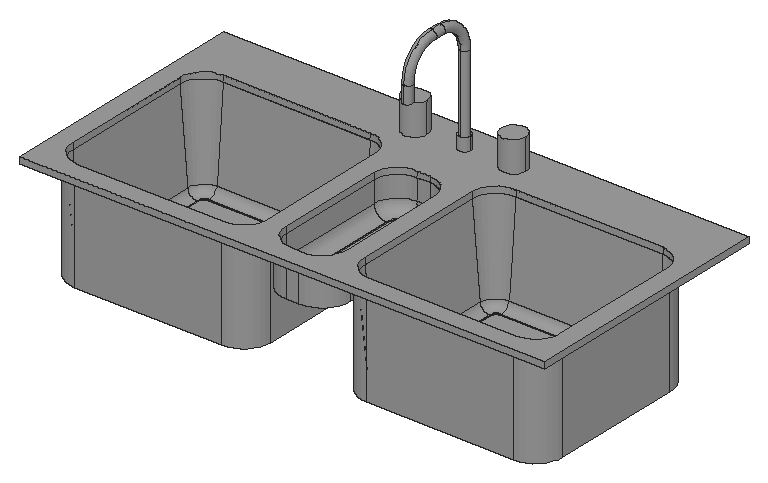
Revit family
Parameters (values of type "1100 x 535mm")
  Counter Height = 900.00 mm
  Depth = 535.00 mm
  Fixture Material = Metal - Steel, Polished
  Sink Material = Metal - Steel, Polished
  Width = 1100.00 mm
Reference planes
  plane 1 "Center (Front/Back)": y = -35.755
  plane 2: z = 0
  plane 3 "Center (Left/Right)": x = 15.689
  plane 4: y = 269.845
  plane 5: y = -265.155
  plane 6: x = -534.311
  plane 7: x = 565.689
  plane 8 "Top Of Counter": z = 900
  plane 9: z = 912.7
  plane 10: z = 684.1
  plane 11: y = 155.545
  plane 12: x = -496.211
  plane 13: y = -227.055
  plane 14: x = 527.589
  plane 15: x = -85.911
  plane 16: x = 117.289
  plane 17: y = 212.695
  plane 18: y = 212.695
  plane 19: y = 212.695
  plane 20: z = 1163.525
  plane 21: y = 63.47
  plane 22: z = 976.2
  plane 23: z = 938.1
  plane 24: x = -240.261
  plane 25: x = 271.639
  plane 26: x = -85.911
  plane 27: x = 117.289
  plane 28: x = -47.811
  plane 29: x = 79.189
  plane 30: y = 104.745
  plane 31: y = -86.555
  plane 32: z = 820.625
  plane 33: y = 53.945
Forms (mm)
  Extrusion 1, solid, material "Metal - Steel, Polished" <- "Sink Material"
    sketch origin (0, 0, 0) x (1, 0, 0) y (0, 1, 0)
      loop
        line (-534.311, 269.845) -> (-534.311, -265.155) -> (565.689, -265.155) -> (565.689, 269.845) -> (-534.311, 269.845)
      loop
        arc (-445.411, 155.545) -> (-481.332, 140.666) -> (-496.211, 104.745) r 50.8
        line (-496.211, 104.745) -> (-496.211, -176.255)
        arc (-496.211, -176.255) -> (-481.332, -212.176) -> (-445.411, -227.055) r 50.8
        line (-445.411, -227.055) -> (-136.711, -227.055)
        arc (-136.711, -227.055) -> (-100.79, -212.176) -> (-85.911, -176.255) r 50.8
        line (-85.911, -176.255) -> (-85.911, 104.745)
        arc (-85.911, 104.745) -> (-100.79, 140.666) -> (-136.711, 155.545) r 50.8
        line (-136.711, 155.545) -> (-445.411, 155.545)
      loop
        arc (476.789, -227.055) -> (512.71, -212.176) -> (527.589, -176.255) r 50.8
        line (527.589, -176.255) -> (527.589, 104.745)
        arc (527.589, 104.745) -> (512.71, 140.666) -> (476.789, 155.545) r 50.8
        line (476.789, 155.545) -> (168.089, 155.545)
        arc (168.089, 155.545) -> (132.168, 140.666) -> (117.289, 104.745) r 50.8
        line (117.289, 104.745) -> (117.289, -176.255)
        arc (117.289, -176.255) -> (132.168, -212.176) -> (168.089, -227.055) r 50.8
        line (168.089, -227.055) -> (476.789, -227.055)
      loop
        line (2.989, -227.055) -> (28.389, -227.055)
        arc (28.389, -227.055) -> (64.31, -212.176) -> (79.189, -176.255) r 50.8
        line (79.189, -176.255) -> (79.189, 53.945)
        arc (79.189, 53.945) -> (64.31, 89.866) -> (28.389, 104.745) r 50.8
        line (28.389, 104.745) -> (2.989, 104.745)
        arc (2.989, 104.745) -> (-32.932, 89.866) -> (-47.811, 53.945) r 50.8
        line (-47.811, 53.945) -> (-47.811, -176.255)
        arc (-47.811, -176.255) -> (-32.932, -212.176) -> (2.989, -227.055) r 50.8
    from 900 to 912.7
  Sweep 2, solid, material "Metal - Steel, Polished" <- "Sink Material"
    path origin (0, 0, 0) x (1, 0, 0) y (0, 1, 0)
      loop
        arc (-445.411, 155.545) -> (-481.332, 140.666) -> (-496.211, 104.745) r 50.8
        line (-496.211, 104.745) -> (-496.211, -176.255)
        arc (-496.211, -176.255) -> (-481.332, -212.176) -> (-445.411, -227.055) r 50.8
        line (-445.411, -227.055) -> (-136.711, -227.055)
        arc (-136.711, -227.055) -> (-100.79, -212.176) -> (-85.911, -176.255) r 50.8
        line (-85.911, -176.255) -> (-85.911, 104.745)
        arc (-85.911, 104.745) -> (-100.79, 140.666) -> (-136.711, 155.545) r 50.8
        line (-136.711, 155.545) -> (-445.411, 155.545)
    profile origin (-291.061, 0, 0) x (0, 1, 0) y (0, 0, 1)
      loop
        line (155.545, 900) -> (139.011, 711.015)
        arc (139.011, 711.015) -> (132.904, 698.63) -> (120.034, 693.625) r 19.05
        line (120.034, 693.625) -> (117.445, 693.625) -> (117.445, 684.1) -> (161.895, 684.1) -> (161.895, 900) -> (155.545, 900)
  Extrusion 3, solid, material "Metal - Steel, Polished" <- "Sink Material"
    sketch origin (0, 0, 0) x (1, 0, 0) y (0, 1, 0)
      loop
        arc (-445.411, 117.445) -> (-454.391, 113.726) -> (-458.111, 104.745) r 12.7
        line (-458.111, 104.745) -> (-458.111, -176.255)
        arc (-458.111, -176.255) -> (-454.391, -185.235) -> (-445.411, -188.955) r 12.7
        line (-445.411, -188.955) -> (-136.711, -188.955)
        arc (-136.711, -188.955) -> (-127.731, -185.235) -> (-124.011, -176.255) r 12.7
        line (-124.011, -176.255) -> (-124.011, 104.745)
        arc (-124.011, 104.745) -> (-127.731, 113.726) -> (-136.711, 117.445) r 12.7
        line (-136.711, 117.445) -> (-445.411, 117.445)
      loop
        circle (-240.261, -35.755) r 25.4
    from 684.1 to 693.625
  Extrusion 4, solid, material "Metal - Steel, Polished" <- "Fixture Material"
    sketch origin (0, 0, 0) x (1, 0, 0) y (0, 1, 0)
      loop
        circle (-85.911, 209.617) r 25.4
      loop
        circle (117.289, 214.813) r 25.4
    from 912.7 to 976.2
  Sweep 5, solid, material "Metal - Steel, Polished" <- "Fixture Material"
    path origin (15.689, 0, 0) x (0, 1, 0) y (0, 0, 1)
      loop
        line (212.695, 912.7) -> (212.695, 1100.025)
        arc (212.695, 1100.025) -> (194.097, 1144.926) -> (149.195, 1163.525) r 63.5
        line (149.195, 1163.525) -> (126.97, 1163.525)
        arc (126.97, 1163.525) -> (82.069, 1144.926) -> (63.47, 1100.025) r 63.5
        line (63.47, 1100.025) -> (63.47, 1065.1)
    profile origin (15.689, 0, 1006.363) x (0, -1, 0) y (1, 0, 0)
      loop
        circle (-212.695, 0) r 9.525
  Extrusion 6, solid, material "Metal - Steel, Polished" <- "Fixture Material"
    sketch origin (0, 0, 0) x (1, 0, 0) y (0, 1, 0)
      loop
        circle (15.689, 212.695) r 12.7
    from 912.7 to 938.1
  Sweep 7, solid, material "Metal - Steel, Polished" <- "Sink Material"
    path origin (31.378, 0, 0) x (-1, 0, 0) y (0, -1, 0)
      loop
        line (-445.411, -155.545) -> (-136.711, -155.545)
        arc (-136.711, -155.545) -> (-100.79, -140.666) -> (-85.911, -104.745) r 50.8
        line (-85.911, -104.745) -> (-85.911, 176.255)
        arc (-85.911, 176.255) -> (-100.79, 212.176) -> (-136.711, 227.055) r 50.8
        line (-136.711, 227.055) -> (-445.411, 227.055)
        arc (-445.411, 227.055) -> (-481.332, 212.176) -> (-496.211, 176.255) r 50.8
        line (-496.211, 176.255) -> (-496.211, -104.745)
        arc (-496.211, -104.745) -> (-481.332, -140.666) -> (-445.411, -155.545) r 50.8
    profile origin (322.439, 0, 0) x (0, -1, 0) y (0, 0, 1)
      loop
        line (-155.545, 900) -> (-161.895, 900) -> (-161.895, 684.1) -> (-117.445, 684.1) -> (-117.445, 693.625) -> (-120.034, 693.625)
        arc (-120.034, 693.625) -> (-132.904, 698.63) -> (-139.011, 711.015) r 19.05
        line (-139.011, 711.015) -> (-155.545, 900)
  Extrusion 8, solid, material "Metal - Steel, Polished" <- "Sink Material"
    sketch origin (31.378, 0, 0) x (-1, 0, 0) y (0, -1, 0)
      loop
        line (-447.999, -120.034) -> (-134.122, -120.034)
        arc (-134.122, -120.034) -> (-125.142, -116.314) -> (-121.422, -107.334) r 12.7
        line (-121.422, -107.334) -> (-121.422, 178.843)
        arc (-121.422, 178.843) -> (-125.142, 187.823) -> (-134.122, 191.543) r 12.7
        line (-134.122, 191.543) -> (-447.999, 191.543)
        arc (-447.999, 191.543) -> (-456.979, 187.823) -> (-460.699, 178.843) r 12.7
        line (-460.699, 178.843) -> (-460.699, -107.334)
        arc (-460.699, -107.334) -> (-456.979, -116.314) -> (-447.999, -120.034) r 12.7
      loop
        circle (-240.261, 35.755) r 25.4
    from 684.1 to 693.625
  Sweep 9, solid, material "Metal - Steel, Polished" <- "Sink Material"
    path origin (0, 0, 0) x (1, 0, 0) y (0, 1, 0)
      loop
        arc (2.989, 104.745) -> (-32.932, 89.866) -> (-47.811, 53.945) r 50.8
        line (-47.811, 53.945) -> (-47.811, -176.255)
        arc (-47.811, -176.255) -> (-32.932, -212.176) -> (2.989, -227.055) r 50.8
        line (2.989, -227.055) -> (28.389, -227.055)
        arc (28.389, -227.055) -> (64.31, -212.176) -> (79.189, -176.255) r 50.8
        line (79.189, -176.255) -> (79.189, 53.945)
        arc (79.189, 53.945) -> (64.31, 89.866) -> (28.389, 104.745) r 50.8
        line (28.389, 104.745) -> (2.989, 104.745)
    profile origin (15.689, 0, 0) x (0, 1, 0) y (0, 0, 1)
      loop
        line (104.745, 900) -> (104.745, 855.55)
        arc (104.745, 855.55) -> (97.306, 837.589) -> (79.345, 830.15) r 25.4
        line (79.345, 830.15) -> (76.17, 830.15) -> (76.17, 820.625) -> (114.27, 820.625) -> (114.27, 900) -> (104.745, 900)
  Extrusion 10, solid, material "Metal - Steel, Polished" <- "Sink Material"
    sketch origin (0, 0, 0) x (1, 0, 0) y (0, 1, 0)
      loop
        arc (6.164, 76.17) -> (-11.796, 68.731) -> (-19.236, 50.77) r 25.4
        line (-19.236, 50.77) -> (-19.236, -173.08)
        arc (-19.236, -173.08) -> (-11.796, -191.04) -> (6.164, -198.48) r 25.4
        line (6.164, -198.48) -> (25.214, -198.48)
        arc (25.214, -198.48) -> (43.175, -191.04) -> (50.614, -173.08) r 25.4
        line (50.614, -173.08) -> (50.614, 50.77)
        arc (50.614, 50.77) -> (43.175, 68.731) -> (25.214, 76.17) r 25.4
        line (25.214, 76.17) -> (6.164, 76.17)
      loop
        circle (15.689, -86.555) r 25.4
    from 820.625 to 830.15
Cuts and joins
  joined: Sweep 5, Extrusion 6
Lines and regions (mm)
  symbolic lines
    curve 1: line (565.689, 269.845, 0) -> (-534.311, 269.845, 0)
    curve 2: line (565.689, -265.155, 0) -> (565.689, 269.845, 0)
    curve 3: line (-534.311, -265.155, 0) -> (565.689, -265.155, 0)
    curve 4: line (-534.311, 269.845, 0) -> (-534.311, -265.155, 0)
    curve 5: line (-496.211, 104.745, 0) -> (-496.211, -176.255, 0)
    curve 6: line (-445.411, -227.055, 0) -> (-136.711, -227.055, 0)
    curve 7: line (527.589, -176.255, 0) -> (527.589, 104.745, 0)
    curve 8: line (476.789, 155.545, 0) -> (168.089, 155.545, 0)
    curve 9: arc (527.589, 104.745, 0) -> (512.71, 140.666, 0) -> (476.789, 155.545, 0) r 50.8
    curve 10: arc (476.789, -227.055, 0) -> (512.71, -212.176, 0) -> (527.589, -176.255, 0) r 50.8
    curve 11: arc (-496.211, -176.255, 0) -> (-481.332, -212.176, 0) -> (-445.411, -227.055, 0) r 50.8
    curve 12: arc (-445.411, 155.545, 0) -> (-481.332, 140.666, 0) -> (-496.211, 104.745, 0) r 50.8
    curve 13: arc (-60.511, 209.617, 0) -> (-85.911, 235.017, 0) -> (-111.311, 209.617, 0) r 25.4
    curve 14: arc (142.689, 214.813, 0) -> (117.289, 240.213, 0) -> (91.889, 214.813, 0) r 25.4
    curve 15: arc (-111.311, 209.617, 0) -> (-85.911, 184.217, 0) -> (-60.511, 209.617, 0) r 25.4
    curve 16: arc (91.889, 214.813, 0) -> (117.289, 189.413, 0) -> (142.689, 214.813, 0) r 25.4
    curve 17: arc (28.389, 212.695, 0) -> (15.689, 225.395, 0) -> (2.989, 212.695, 0) r 12.7
    curve 18: line (2.989, 212.695, 0) -> (2.989, 15.845, 0)
    curve 19: line (28.389, 212.695, 0) -> (28.389, 15.845, 0)
    curve 20: arc (28.389, 15.845, 0) -> (15.689, 3.145, 0) -> (2.989, 15.845, 0) r 12.7
    curve 21: line (-85.911, 104.745, 0) -> (-85.911, -176.255, 0)
    curve 22: line (117.289, 104.745, 0) -> (117.289, -176.255, 0)
    curve 23: line (168.089, -227.055, 0) -> (476.789, -227.055, 0)
    curve 24: line (-136.711, 155.545, 0) -> (-445.411, 155.545, 0)
    curve 25: arc (168.089, 155.545, 0) -> (132.168, 140.666, 0) -> (117.289, 104.745, 0) r 50.8
    curve 26: arc (117.289, -176.255, 0) -> (132.168, -212.176, 0) -> (168.089, -227.055, 0) r 50.8
    curve 27: arc (-85.911, -176.255, 0) -> (-100.79, -212.176, 0) -> (-136.711, -227.055, 0) r 50.8
    curve 28: arc (-85.911, 104.745, 0) -> (-100.79, 140.666, 0) -> (-136.711, 155.545, 0) r 50.8
    curve 29: arc (-265.661, -35.755, 0) -> (-240.261, -10.355, 0) -> (-214.861, -35.755, 0) r 25.4
    curve 30: arc (-214.861, -35.755, 0) -> (-240.261, -61.155, 0) -> (-265.661, -35.755, 0) r 25.4
    curve 31: arc (246.239, -35.755, 0) -> (271.639, -10.355, 0) -> (297.039, -35.755, 0) r 25.4
    curve 32: arc (297.039, -35.755, 0) -> (271.639, -61.155, 0) -> (246.239, -35.755, 0) r 25.4
    curve 33: line (-47.811, -176.255, 0) -> (-47.811, 53.945, 0)
    curve 34: arc (-47.811, 53.945, 0) -> (-32.932, 89.866, 0) -> (2.989, 104.745, 0) r 50.8
    curve 35: line (79.189, 53.945, 0) -> (79.189, -176.255, 0)
    curve 36: arc (79.189, -176.255, 0) -> (64.31, -212.176, 0) -> (28.389, -227.055, 0) r 50.8
    curve 37: arc (2.989, -227.055, 0) -> (-32.932, -212.176, 0) -> (-47.811, -176.255, 0) r 50.8
    curve 38: line (28.389, -227.055, 0) -> (2.989, -227.055, 0)
    curve 39: arc (41.089, -86.555, 0) -> (15.689, -61.155, 0) -> (-9.711, -86.555, 0) r 25.4
    curve 40: arc (41.089, -86.555, 0) -> (15.689, -111.955, 0) -> (-9.711, -86.555, 0) r 25.4
    curve 41: arc (28.389, 104.745, 0) -> (64.31, 89.866, 0) -> (79.189, 53.945, 0) r 50.8
Dimensions and locks
  equal spacing: plane 6, plane 3 "Center (Left/Right)", plane 7
  "Width": plane 6 to plane 7
  "Depth": plane 5 to plane 4
  "Counter Height": plane 8 "Top Of Counter" to plane 2
  locked: plane 9 to plane 8 "Top Of Counter" at 12.7
  locked: plane 8 "Top Of Counter" to plane 10 at 215.9
  locked: plane 6 to plane 12 at 38.1
  locked: plane 14 to plane 7 at 38.1
  locked: plane 11 to plane 4 at 114.3
  locked: plane 5 to plane 13 at 38.1
  equal spacing: plane 11, plane 17, plane 4
  equal spacing: plane 11, plane 18, plane 4
  equal spacing: plane 4, plane 19, plane 11
  locked: plane 19 to plane 21 at 149.225
  locked: plane 20 to plane 9 at 250.825
  locked: plane 22 to plane 9 at 63.5
  locked: plane 23 to plane 9 at 25.4
  equal spacing: plane 13, plane 1 "Center (Front/Back)", plane 11
  plane 26 to plane 3 "Center (Left/Right)" to plane 27 = 101.60 mm, 101.60 mm
  plane 26 to plane 28 = 38.10 mm
  plane 29 to plane 27 = 38.10 mm
  locked: plane 30 to plane 11 at 50.8
  locked: plane 31 to plane 1 "Center (Front/Back)" at 50.8
  locked: plane 32 to plane 8 "Top Of Counter" at 79.375
  locked: plane 11 to plane 33 at 101.6
  equal spacing: plane 12, plane 24, plane 3 "Center (Left/Right)"
  equal spacing: plane 3 "Center (Left/Right)", plane 25, plane 14
  aligned and locked: Extrusion 1 sketch curve to plane 5
  aligned and locked: plane 7 to Extrusion 1 sketch curve
  aligned and locked: plane 4 to Extrusion 1 sketch curve
  aligned and locked: Extrusion 1 sketch curve to plane 6
  aligned and locked: plane 8 "Top Of Counter" to Extrusion 1
  aligned and locked: Extrusion 1 to plane 9
  aligned and locked: plane 11 to Extrusion 1 sketch curve
  aligned and locked: plane 14 to Extrusion 1 sketch curve
  aligned and locked: Extrusion 1 sketch curve to plane 12
  aligned and locked: Extrusion 1 sketch curve to plane 13
  aligned and locked: plane 11 to Sweep 2 sketch curve
  aligned and locked: Sweep 2 sketch curve to plane 12
  aligned and locked: Sweep 2 sketch curve to plane 13
  aligned and locked: Sweep 2 to Extrusion 3 sketch curve  (x4)
  aligned and locked: Sweep 2 to Extrusion 3
  aligned and locked: plane 10 to Extrusion 3
  aligned and locked: Sweep 2 sketch curve to plane 10
  aligned and locked: plane 8 "Top Of Counter" to Sweep 2 sketch curve
  aligned and locked: Extrusion 4 to Extrusion 1
  aligned and locked: Extrusion 6 to Extrusion 1
  aligned and locked: Sweep 5 sketch curve to plane 19
  aligned and locked: plane 20 to Sweep 5 sketch curve
  aligned and locked: plane 21 to Sweep 5 sketch curve
  aligned and locked: Extrusion 4 to plane 22
  aligned and locked: Extrusion 6 to plane 23
  aligned and locked: curve 29 to Extrusion 3
  aligned and locked: plane 26 to Extrusion 1 sketch curve
  aligned and locked: plane 27 to Extrusion 1 sketch curve
  aligned and locked: Sweep 2 sketch curve to Extrusion 1
  aligned and locked: Sweep 7 sketch curve to plane 11
  aligned and locked: Sweep 7 sketch curve to Extrusion 1
  aligned and locked: Sweep 7 sketch curve to plane 14
  aligned and locked: plane 13 to Sweep 7 sketch curve
  aligned and locked: Extrusion 8 sketch curve to Sweep 7  (x4)
  aligned and locked: Sweep 9 sketch curve to plane 13
  aligned and locked: Extrusion 1 to Sweep 9 sketch curve  (x2)
  aligned and locked: curve 21 to Sweep 9 sketch curve
  aligned and locked: Sweep 9 to Extrusion 10 sketch curve  (x3)
  aligned and locked: Extrusion 10 sketch curve to Sweep 9
  aligned and locked: Extrusion 10 to Sweep 9  (x2)
  aligned and locked: Sweep 7 sketch curve to plane 8 "Top Of Counter"
  aligned and locked: plane 10 to Sweep 7 sketch curve
  aligned and locked: Sweep 9 sketch curve to plane 8 "Top Of Counter"
  aligned and locked: Sweep 9 sketch curve to plane 32
  aligned and locked: Extrusion 8 to Sweep 7
  aligned and locked: plane 10 to Extrusion 8
Automatic sketch dimensions
  Sweep 2 sketch curve to profile plane = 0.00 mm
  profile plane to Sweep 2 sketch curve = 16.534 mm
  Sweep 2 sketch curve to Sweep 2 sketch curve = 18.978 mm
  Sweep 2 sketch curve to Sweep 2 sketch curve = 2.588 mm
  Sweep 2 sketch curve to profile plane = 6.35 mm
  Sweep 2 sketch curve to Sweep 2 sketch curve = 9.525 mm
  Sweep 2 sketch curve to Sweep 2 sketch curve = 17.39 mm
  Extrusion 4 sketch curve to plane 15 = 0.00 mm
  Extrusion 4 sketch curve to plane 16 = 0.00 mm
  plane 17 to Extrusion 4 sketch curve = 3.079 mm
  plane 15 to Extrusion 4 sketch curve = 25.40 mm
  Extrusion 4 sketch curve to plane 17 = 2.118 mm
  plane 16 to Extrusion 4 sketch curve = 25.40 mm
  Sweep 5 sketch curve to plane 3 "Center (Left/Right)" = 0.00 mm
  Sweep 5 sketch curve to profile plane = 0.00 mm
  profile plane to Sweep 5 sketch curve = 9.525 mm
  Extrusion 6 sketch curve to plane 18 = 0.00 mm
  Extrusion 6 sketch curve to plane 3 "Center (Left/Right)" = 0.00 mm
  Extrusion 6 sketch curve to plane 3 "Center (Left/Right)" = 12.70 mm
  Sweep 5 sketch curve to plane 9 = 0.00 mm
  Sweep 5 sketch curve to Sweep 5 sketch curve = 63.50 mm
  plane 11 to Sweep 5 sketch curve = 6.35 mm
  Sweep 5 sketch curve to Sweep 5 sketch curve = 34.925 mm
  Extrusion 3 sketch curve to plane 1 "Center (Front/Back)" = 0.00 mm
  Extrusion 3 sketch curve to plane 24 = 0.00 mm
  Extrusion 3 sketch curve to Extrusion 3 sketch curve = 12.70 mm  (x4)
  plane 24 to Extrusion 3 sketch curve = 25.40 mm
  Extrusion 1 sketch curve to plane 30 = 0.00 mm  (x5)
  Extrusion 1 sketch curve to plane 13 = 0.00 mm  (x2)
  Extrusion 1 sketch curve to plane 28 = 0.00 mm
  Extrusion 1 sketch curve to plane 29 = 0.00 mm
  Extrusion 1 sketch curve to plane 11 = 0.00 mm
  Extrusion 1 sketch curve to plane 12 = 50.80 mm
  Extrusion 1 sketch curve to Extrusion 1 sketch curve = 50.80 mm  (x2)
  Extrusion 1 sketch curve to plane 3 "Center (Left/Right)" = 12.70 mm  (x2)
  plane 3 "Center (Left/Right)" to Extrusion 1 sketch curve = 12.70 mm  (x2)
  plane 14 to Extrusion 1 sketch curve = 50.80 mm
  Sweep 2 sketch curve to plane 12 = 50.80 mm  (x2)
  plane 11 to Sweep 2 sketch curve = 50.80 mm
  Sweep 2 sketch curve to Sweep 2 sketch curve = 50.80 mm
  plane 14 to Sweep 7 sketch curve = 50.80 mm  (x2)
  Sweep 7 sketch curve to Sweep 7 sketch curve = 50.80 mm  (x2)
  Extrusion 8 sketch curve to plane 1 "Center (Front/Back)" = 0.00 mm
  Extrusion 8 sketch curve to plane 25 = 0.00 mm
  Extrusion 8 sketch curve to Extrusion 8 sketch curve = 12.70 mm  (x4)
  Extrusion 8 sketch curve to plane 25 = 25.40 mm
  Sweep 9 sketch curve to plane 3 "Center (Left/Right)" = 12.70 mm  (x2)
  plane 3 "Center (Left/Right)" to Sweep 9 sketch curve = 12.70 mm  (x2)
  Extrusion 10 sketch curve to plane 31 = 0.00 mm
  Extrusion 10 sketch curve to plane 3 "Center (Left/Right)" = 0.00 mm
  Extrusion 10 sketch curve to plane 3 "Center (Left/Right)" = 25.40 mm
  Extrusion 10 sketch curve to plane 3 "Center (Left/Right)" = 9.525 mm  (x2)
  plane 3 "Center (Left/Right)" to Extrusion 10 sketch curve = 9.525 mm  (x2)
  Sweep 7 sketch curve to profile plane = 0.00 mm
  profile plane to Sweep 7 sketch curve = 6.35 mm
  Sweep 7 sketch curve to profile plane = 16.534 mm
  Sweep 7 sketch curve to Sweep 7 sketch curve = 18.978 mm
  Sweep 7 sketch curve to Sweep 7 sketch curve = 2.588 mm
  Sweep 7 sketch curve to Sweep 7 sketch curve = 1.66 mm
  Sweep 7 sketch curve to Sweep 7 sketch curve = 26.915 mm
  Sweep 9 sketch curve to profile plane = 0.00 mm
  profile plane to Sweep 9 sketch curve = 25.40 mm
  Sweep 9 sketch curve to Sweep 9 sketch curve = 3.175 mm
  Sweep 9 sketch curve to profile plane = 9.525 mm
  plane 32 to Sweep 9 sketch curve = 9.525 mm
  curve 1 to plane 4 = 0.00 mm
  curve 1 to plane 6 = 0.00 mm
  curve 5 to plane 12 = 0.00 mm
  curve 24 to plane 11 = 0.00 mm
  curve 6 to plane 13 = 0.00 mm
  curve 34 to plane 33 = 0.00 mm
  curve 37 to plane 13 = 0.00 mm
  curve 20 to plane 3 "Center (Left/Right)" = 0.00 mm
  curve 40 to plane 3 "Center (Left/Right)" = 0.00 mm
  curve 35 to plane 33 = 0.00 mm
  curve 25 to plane 11 = 0.00 mm
  curve 23 to plane 13 = 0.00 mm
  curve 31 to plane 1 "Center (Front/Back)" = 0.00 mm
  curve 31 to plane 25 = 0.00 mm
  curve 10 to plane 14 = 0.00 mm
  curve 1 to plane 7 = 0.00 mm
  curve 3 to plane 5 = 0.00 mm
  curve 6 to plane 12 = 50.80 mm
  curve 28 to plane 3 "Center (Left/Right)" = 152.40 mm
  curve 6 to curve 21 = 50.80 mm
  curve 28 to curve 15 = 25.40 mm
  curve 15 to curve 15 = 25.40 mm
  curve 21 to curve 34 = 38.10 mm
  curve 40 to plane 3 "Center (Left/Right)" = 25.40 mm
  curve 37 to plane 3 "Center (Left/Right)" = 12.70 mm
  plane 3 "Center (Left/Right)" to curve 36 = 12.70 mm
  curve 19 to curve 14 = 63.50 mm
  curve 41 to curve 25 = 38.10 mm
  curve 14 to curve 16 = 25.40 mm
  curve 26 to curve 26 = 50.80 mm
  plane 25 to curve 31 = 25.40 mm
  plane 14 to curve 23 = 50.80 mm
  plane 1 "Center (Front/Back)" to curve 39 = 50.80 mm
  curve 19 to curve 41 = 38.10 mm
  curve 28 to curve 15 = 54.071 mm
  plane 4 to curve 18 = 57.15 mm
  plane 4 to curve 16 = 55.032 mm
  plane 11 to curve 12 = 50.80 mm
  curve 6 to curve 38 = 139.70 mm
  curve 18 to curve 17 = 12.70 mm
  curve 41 to curve 35 = 50.80 mm
  curve 14 to curve 25 = 25.40 mm
  plane 14 to curve 9 = 50.80 mm
